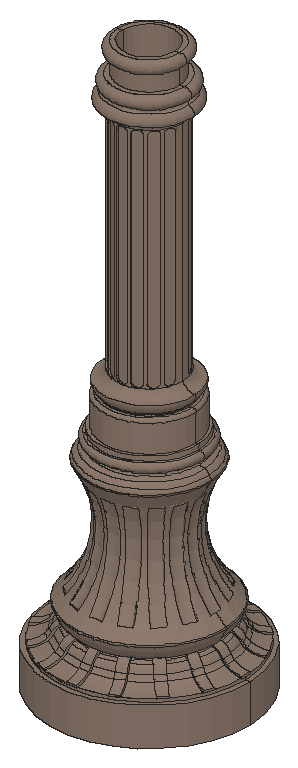
Revit family "CB3803", category Generic Models, Revit 2014
Parameters
  DETAIL = Bronze, Architectural
  BASE = Bronze, Architectural
Reference planes (in)
  plane 1 "Center (Front/Back)": y = 0
  plane 2: z = 0
  plane 3 "Center (Left/Right)": x = 0
Forms (in)
  Revolve 1, solid, material "Bronze, Architectural" <- "BASE"
    sketch origin (0, 0, 0) x (1, 0, 0) y (0, 0, 1)
      loop
        line (-2.0625, 44.875) -> (-2.40776, 44.875)
        arc (-2.40776, 44.875) -> (-2.86013, 44.38987) -> (-2.375, 43.9375) r 0.46904
        line (-2.375, 43.9375) -> (-2.375, 42.625) -> (-2.76458, 42.625)
        arc (-2.76458, 42.625) -> (-3.22676, 42.30206) -> (-3.04475, 41.76842) r 0.46904
        arc (-3.04475, 41.76842) -> (-2.98253, 41.61076) -> (-3.08906, 41.47893) r 0.16828
        arc (-3.08906, 41.47893) -> (-3.40529, 41.18235) -> (-3.4375, 40.75) r 0.59708
        arc (-3.4375, 40.75) -> (-3.26379, 40.73417) -> (-3.09493, 40.69047) r 1.0753
        arc (-3.09493, 40.69047) -> (-2.93231, 40.58418) -> (-2.80162, 40.44043) r 0.76672
        arc (-2.80162, 40.44043) -> (-2.68534, 40.28134) -> (-2.625, 40.09375) r 0.61844
        line (-2.625, 40.09375) -> (-2.625, 22.09629)
        arc (-2.625, 22.09629) -> (-2.98697, 21.61573) -> (-3.56234, 21.43996) r 0.97281
        arc (-3.56234, 21.43996) -> (-3.47505, 21.0155) -> (-3.1832, 20.69518) r 0.81806
        arc (-3.1832, 20.69518) -> (-3.14051, 20.64984) -> (-3.125, 20.58953) r 0.125
        line (-3.125, 20.58953) -> (-3.125, 20.5) -> (-3.375, 20.5)
        arc (-3.375, 20.5) -> (-3.55178, 20.42678) -> (-3.625, 20.25) r 0.25
        line (-3.625, 20.25) -> (-3.625, 18.125) -> (-3.875, 18.125) -> (-3.875, 17.75) -> (-4.03123, 17.70573)
        arc (-4.03123, 17.70573) -> (-4.27752, 17.42549) -> (-4.12329, 17.08578) r 0.34375
        line (-4.12329, 17.08578) -> (-3.91739, 16.95351)
        arc (-3.91739, 16.95351) -> (-3.86014, 16.84112) -> (-3.92991, 16.73604) r 0.12504
        line (-3.92991, 16.73604) -> (-4.32679, 16.5414)
        arc (-4.32679, 16.5414) -> (-4.5226, 16.40741) -> (-4.67223, 16.22327) r 0.82588
        arc (-4.67223, 16.22327) -> (-4.7654, 16.06728) -> (-4.8109, 15.89136) r 0.63895
        arc (-4.8109, 15.89136) -> (-4.80771, 15.8464) -> (-4.78878, 15.8055) r 0.125
        arc (-4.78878, 15.8055) -> (-3.50603, 10.72698) -> (-5.95839, 6.09851) r 7.2929
        arc (-5.95839, 6.09851) -> (-5.99592, 6.04049) -> (-5.99682, 5.97139) r 0.12481
        arc (-5.99682, 5.97139) -> (-5.71384, 5.33515) -> (-5.25446, 4.81185) r 2.31476
        arc (-5.25446, 4.81185) -> (-5.23462, 4.74669) -> (-5.28608, 4.70206) r 0.06253
        arc (-5.28608, 4.70206) -> (-5.42978, 4.63147) -> (-5.55645, 4.53354) r 0.79579
        arc (-5.55645, 4.53354) -> (-5.7685, 4.32195) -> (-5.918, 4.06236) r 1.13817
        arc (-5.918, 4.06236) -> (-6.05707, 3.86911) -> (-6.22638, 3.70171) r 1.42489
        arc (-6.22638, 3.70171) -> (-6.83129, 3.38591) -> (-7.5, 3.25) r 2.43957
        line (-7.5, 3.25) -> (-7.5, 3) -> (-7.875, 3) -> (-7.875, 0) -> (-5.25, 0) -> (-5.25, 0.75) -> (-7.22381, 0.75) -> (-7.17357, 2.18879)
        arc (-7.17357, 2.18879) -> (-7.08126, 2.46122) -> (-6.85413, 2.63771) r 0.5
        arc (-6.85413, 2.63771) -> (-5.69277, 3.34597) -> (-4.85276, 4.41592) r 3.82442
        arc (-4.85276, 4.41592) -> (-4.7351, 4.8216) -> (-4.93297, 5.19479) r 0.5625
        arc (-4.93297, 5.19479) -> (-5.14493, 5.40492) -> (-5.31943, 5.64706) r 1.80756
        arc (-5.31943, 5.64706) -> (-5.38774, 5.96219) -> (-5.24948, 6.25349) r 0.5
        arc (-5.24948, 6.25349) -> (-3.12728, 10.73726) -> (-4.19395, 15.58187) r 7.6679
        arc (-4.19395, 15.58187) -> (-4.2466, 15.9818) -> (-3.98688, 16.29045) r 0.5
        arc (-3.98688, 16.29045) -> (-3.68899, 16.51754) -> (-3.5, 16.84093) r 0.96514
        line (-3.5, 16.84093) -> (-2.0625, 16.84093) -> (-2.0625, 18.125) -> (-3, 18.125)
        arc (-3, 18.125) -> (-3.17678, 18.19822) -> (-3.25, 18.375) r 0.25
        line (-3.25, 18.375) -> (-3.25, 20)
        arc (-3.25, 20) -> (-3.21339, 20.08839) -> (-3.125, 20.125) r 0.125
        line (-3.125, 20.125) -> (-2.875, 20.125) -> (-2.16076, 21.9106)
        arc (-2.16076, 21.9106) -> (-2.13402, 22.00174) -> (-2.125, 22.09629) r 0.5
        line (-2.125, 22.09629) -> (-2.125, 40.29638)
        arc (-2.125, 40.29638) -> (-2.15718, 40.46162) -> (-2.23592, 40.61041) r 0.57382
        arc (-2.23592, 40.61041) -> (-2.40787, 40.9061) -> (-2.51295, 41.23161) r 1.59779
        arc (-2.51295, 41.23161) -> (-2.45095, 41.81092) -> (-2.0625, 42.24515) r 0.95018
        line (-2.0625, 42.24515) -> (-2.0625, 44.875)
      axis (0, 0) -> (0, 44.875)
    angle from 0 to 360
  Extrusion 2, solid, material "Bronze, Architectural" <- "DETAIL"
    sketch origin (0, 0, 0) x (1, 0, 0) y (0, 0, 1)
      loop
        line (7.5, 3.25) -> (7.5, 3.37528)
        arc (7.5, 3.37528) -> (6.87217, 3.50586) -> (6.30276, 3.80079) r 2.35768
        arc (6.30276, 3.80079) -> (6.15286, 3.94943) -> (6.029, 4.12037) r 1.29986
        arc (6.029, 4.12037) -> (5.72517, 4.55133) -> (5.28258, 4.83797) r 1.38878
        line (5.28258, 4.83797) -> (5.28258, 4.70206)
        arc (5.28258, 4.70206) -> (5.65928, 4.44081) -> (5.918, 4.06236) r 1.26378
        arc (5.918, 4.06236) -> (6.05707, 3.86911) -> (6.22638, 3.70171) r 1.42486
        arc (6.22638, 3.70171) -> (6.83187, 3.38753) -> (7.5, 3.25) r 2.48268
    from -0.375 to 0.375
  Extrusion 3, solid, material "Bronze, Architectural" <- "DETAIL"
    sketch origin (0, 0, 0) x (-1, 0, 0) y (0, 0, 1)
      loop
        line (7.5, 3.25) -> (7.5, 3.37528)
        arc (7.5, 3.37528) -> (6.87217, 3.50586) -> (6.30276, 3.80079) r 2.35768
        arc (6.30276, 3.80079) -> (6.15286, 3.94943) -> (6.029, 4.12037) r 1.29986
        arc (6.029, 4.12037) -> (5.72517, 4.55133) -> (5.28258, 4.83797) r 1.38878
        line (5.28258, 4.83797) -> (5.28258, 4.70206)
        arc (5.28258, 4.70206) -> (5.65928, 4.44081) -> (5.918, 4.06236) r 1.26378
        arc (5.918, 4.06236) -> (6.05707, 3.86911) -> (6.22638, 3.70171) r 1.42486
        arc (6.22638, 3.70171) -> (6.83187, 3.38753) -> (7.5, 3.25) r 2.48268
    from -0.375 to 0.375
  Extrusion 4, solid, material "Bronze, Architectural" <- "DETAIL"
    sketch origin (0, 0, 0) x (0.92388, 0.382683, 0) y (0, 0, 1)
      loop
        line (7.5, 3.25) -> (7.5, 3.37528)
        arc (7.5, 3.37528) -> (6.87217, 3.50586) -> (6.30276, 3.80079) r 2.35768
        arc (6.30276, 3.80079) -> (6.15286, 3.94943) -> (6.029, 4.12037) r 1.29986
        arc (6.029, 4.12037) -> (5.72517, 4.55133) -> (5.28258, 4.83797) r 1.38878
        line (5.28258, 4.83797) -> (5.28258, 4.70206)
        arc (5.28258, 4.70206) -> (5.65928, 4.44081) -> (5.918, 4.06236) r 1.26378
        arc (5.918, 4.06236) -> (6.05707, 3.86911) -> (6.22638, 3.70171) r 1.42486
        arc (6.22638, 3.70171) -> (6.83187, 3.38753) -> (7.5, 3.25) r 2.48268
    from -0.375 to 0.375
  Extrusion 5, solid, material "Bronze, Architectural" <- "DETAIL"
    sketch origin (0, 0, 0) x (-0.92388, -0.382683, 0) y (0, 0, 1)
      loop
        line (7.5, 3.25) -> (7.5, 3.37528)
        arc (7.5, 3.37528) -> (6.87217, 3.50586) -> (6.30276, 3.80079) r 2.35768
        arc (6.30276, 3.80079) -> (6.15286, 3.94943) -> (6.029, 4.12037) r 1.29986
        arc (6.029, 4.12037) -> (5.72517, 4.55133) -> (5.28258, 4.83797) r 1.38878
        line (5.28258, 4.83797) -> (5.28258, 4.70206)
        arc (5.28258, 4.70206) -> (5.65928, 4.44081) -> (5.918, 4.06236) r 1.26378
        arc (5.918, 4.06236) -> (6.05707, 3.86911) -> (6.22638, 3.70171) r 1.42486
        arc (6.22638, 3.70171) -> (6.83187, 3.38753) -> (7.5, 3.25) r 2.48268
    from -0.375 to 0.375
  Extrusion 6, solid, material "Bronze, Architectural" <- "DETAIL"
    sketch origin (0, 0, 0) x (0.707107, 0.707107, 0) y (0, 0, 1)
      loop
        line (7.5, 3.25) -> (7.5, 3.37528)
        arc (7.5, 3.37528) -> (6.87217, 3.50586) -> (6.30276, 3.80079) r 2.35768
        arc (6.30276, 3.80079) -> (6.15286, 3.94943) -> (6.029, 4.12037) r 1.29986
        arc (6.029, 4.12037) -> (5.72517, 4.55133) -> (5.28258, 4.83797) r 1.38878
        line (5.28258, 4.83797) -> (5.28258, 4.70206)
        arc (5.28258, 4.70206) -> (5.65928, 4.44081) -> (5.918, 4.06236) r 1.26378
        arc (5.918, 4.06236) -> (6.05707, 3.86911) -> (6.22638, 3.70171) r 1.42486
        arc (6.22638, 3.70171) -> (6.83187, 3.38753) -> (7.5, 3.25) r 2.48268
    from -0.375 to 0.375
  Extrusion 7, solid, material "Bronze, Architectural" <- "DETAIL"
    sketch origin (0, 0, 0) x (-0.707107, -0.707107, 0) y (0, 0, 1)
      loop
        line (7.5, 3.25) -> (7.5, 3.37528)
        arc (7.5, 3.37528) -> (6.87217, 3.50586) -> (6.30276, 3.80079) r 2.35768
        arc (6.30276, 3.80079) -> (6.15286, 3.94943) -> (6.029, 4.12037) r 1.29986
        arc (6.029, 4.12037) -> (5.72517, 4.55133) -> (5.28258, 4.83797) r 1.38878
        line (5.28258, 4.83797) -> (5.28258, 4.70206)
        arc (5.28258, 4.70206) -> (5.65928, 4.44081) -> (5.918, 4.06236) r 1.26378
        arc (5.918, 4.06236) -> (6.05707, 3.86911) -> (6.22638, 3.70171) r 1.42486
        arc (6.22638, 3.70171) -> (6.83187, 3.38753) -> (7.5, 3.25) r 2.48268
    from -0.375 to 0.375
  Extrusion 8, solid, material "Bronze, Architectural" <- "DETAIL"
    sketch origin (0, 0, 0) x (0.382683, 0.92388, 0) y (0, 0, 1)
      loop
        line (7.5, 3.25) -> (7.5, 3.37528)
        arc (7.5, 3.37528) -> (6.87217, 3.50586) -> (6.30276, 3.80079) r 2.35768
        arc (6.30276, 3.80079) -> (6.15286, 3.94943) -> (6.029, 4.12037) r 1.29986
        arc (6.029, 4.12037) -> (5.72517, 4.55133) -> (5.28258, 4.83797) r 1.38878
        line (5.28258, 4.83797) -> (5.28258, 4.70206)
        arc (5.28258, 4.70206) -> (5.65928, 4.44081) -> (5.918, 4.06236) r 1.26378
        arc (5.918, 4.06236) -> (6.05707, 3.86911) -> (6.22638, 3.70171) r 1.42486
        arc (6.22638, 3.70171) -> (6.83187, 3.38753) -> (7.5, 3.25) r 2.48268
    from -0.375 to 0.375
  Extrusion 9, solid, material "Bronze, Architectural" <- "DETAIL"
    sketch origin (0, 0, 0) x (-0.382683, -0.92388, 0) y (0, 0, 1)
      loop
        line (7.5, 3.25) -> (7.5, 3.37528)
        arc (7.5, 3.37528) -> (6.87217, 3.50586) -> (6.30276, 3.80079) r 2.35768
        arc (6.30276, 3.80079) -> (6.15286, 3.94943) -> (6.029, 4.12037) r 1.29986
        arc (6.029, 4.12037) -> (5.72517, 4.55133) -> (5.28258, 4.83797) r 1.38878
        line (5.28258, 4.83797) -> (5.28258, 4.70206)
        arc (5.28258, 4.70206) -> (5.65928, 4.44081) -> (5.918, 4.06236) r 1.26378
        arc (5.918, 4.06236) -> (6.05707, 3.86911) -> (6.22638, 3.70171) r 1.42486
        arc (6.22638, 3.70171) -> (6.83187, 3.38753) -> (7.5, 3.25) r 2.48268
    from -0.375 to 0.375
  Extrusion 10, solid, material "Bronze, Architectural" <- "DETAIL"
    sketch origin (0, 0, 0) x (0, 1, 0) y (0, 0, 1)
      loop
        line (7.5, 3.25) -> (7.5, 3.37528)
        arc (7.5, 3.37528) -> (6.87217, 3.50586) -> (6.30276, 3.80079) r 2.35768
        arc (6.30276, 3.80079) -> (6.15286, 3.94943) -> (6.029, 4.12037) r 1.29986
        arc (6.029, 4.12037) -> (5.72517, 4.55133) -> (5.28258, 4.83797) r 1.38878
        line (5.28258, 4.83797) -> (5.28258, 4.70206)
        arc (5.28258, 4.70206) -> (5.65928, 4.44081) -> (5.918, 4.06236) r 1.26378
        arc (5.918, 4.06236) -> (6.05707, 3.86911) -> (6.22638, 3.70171) r 1.42486
        arc (6.22638, 3.70171) -> (6.83187, 3.38753) -> (7.5, 3.25) r 2.48268
    from -0.375 to 0.375
  Extrusion 11, solid, material "Bronze, Architectural" <- "DETAIL"
    sketch origin (0, 0, 0) x (0, -1, 0) y (0, 0, 1)
      loop
        line (7.5, 3.25) -> (7.5, 3.37528)
        arc (7.5, 3.37528) -> (6.87217, 3.50586) -> (6.30276, 3.80079) r 2.35768
        arc (6.30276, 3.80079) -> (6.15286, 3.94943) -> (6.029, 4.12037) r 1.29986
        arc (6.029, 4.12037) -> (5.72517, 4.55133) -> (5.28258, 4.83797) r 1.38878
        line (5.28258, 4.83797) -> (5.28258, 4.70206)
        arc (5.28258, 4.70206) -> (5.65928, 4.44081) -> (5.918, 4.06236) r 1.26378
        arc (5.918, 4.06236) -> (6.05707, 3.86911) -> (6.22638, 3.70171) r 1.42486
        arc (6.22638, 3.70171) -> (6.83187, 3.38753) -> (7.5, 3.25) r 2.48268
    from -0.375 to 0.375
  Extrusion 12, solid, material "Bronze, Architectural" <- "DETAIL"
    sketch origin (0, 0, 0) x (-0.382683, 0.92388, 0) y (0, 0, 1)
      loop
        line (7.5, 3.25) -> (7.5, 3.37528)
        arc (7.5, 3.37528) -> (6.87217, 3.50586) -> (6.30276, 3.80079) r 2.35768
        arc (6.30276, 3.80079) -> (6.15286, 3.94943) -> (6.029, 4.12037) r 1.29986
        arc (6.029, 4.12037) -> (5.72517, 4.55133) -> (5.28258, 4.83797) r 1.38878
        line (5.28258, 4.83797) -> (5.28258, 4.70206)
        arc (5.28258, 4.70206) -> (5.65928, 4.44081) -> (5.918, 4.06236) r 1.26378
        arc (5.918, 4.06236) -> (6.05707, 3.86911) -> (6.22638, 3.70171) r 1.42486
        arc (6.22638, 3.70171) -> (6.83187, 3.38753) -> (7.5, 3.25) r 2.48268
    from -0.375 to 0.375
  Extrusion 13, solid, material "Bronze, Architectural" <- "DETAIL"
    sketch origin (0, 0, 0) x (0.382683, -0.92388, 0) y (0, 0, 1)
      loop
        line (7.5, 3.25) -> (7.5, 3.37528)
        arc (7.5, 3.37528) -> (6.87217, 3.50586) -> (6.30276, 3.80079) r 2.35768
        arc (6.30276, 3.80079) -> (6.15286, 3.94943) -> (6.029, 4.12037) r 1.29986
        arc (6.029, 4.12037) -> (5.72517, 4.55133) -> (5.28258, 4.83797) r 1.38878
        line (5.28258, 4.83797) -> (5.28258, 4.70206)
        arc (5.28258, 4.70206) -> (5.65928, 4.44081) -> (5.918, 4.06236) r 1.26378
        arc (5.918, 4.06236) -> (6.05707, 3.86911) -> (6.22638, 3.70171) r 1.42486
        arc (6.22638, 3.70171) -> (6.83187, 3.38753) -> (7.5, 3.25) r 2.48268
    from -0.375 to 0.375
  Extrusion 14, solid, material "Bronze, Architectural" <- "DETAIL"
    sketch origin (0, 0, 0) x (-0.707107, 0.707107, 0) y (0, 0, 1)
      loop
        line (7.5, 3.25) -> (7.5, 3.37528)
        arc (7.5, 3.37528) -> (6.87217, 3.50586) -> (6.30276, 3.80079) r 2.35768
        arc (6.30276, 3.80079) -> (6.15286, 3.94943) -> (6.029, 4.12037) r 1.29986
        arc (6.029, 4.12037) -> (5.72517, 4.55133) -> (5.28258, 4.83797) r 1.38878
        line (5.28258, 4.83797) -> (5.28258, 4.70206)
        arc (5.28258, 4.70206) -> (5.65928, 4.44081) -> (5.918, 4.06236) r 1.26378
        arc (5.918, 4.06236) -> (6.05707, 3.86911) -> (6.22638, 3.70171) r 1.42486
        arc (6.22638, 3.70171) -> (6.83187, 3.38753) -> (7.5, 3.25) r 2.48268
    from -0.375 to 0.375
  Extrusion 15, solid, material "Bronze, Architectural" <- "DETAIL"
    sketch origin (0, 0, 0) x (0.707107, -0.707107, 0) y (0, 0, 1)
      loop
        line (7.5, 3.25) -> (7.5, 3.37528)
        arc (7.5, 3.37528) -> (6.87217, 3.50586) -> (6.30276, 3.80079) r 2.35768
        arc (6.30276, 3.80079) -> (6.15286, 3.94943) -> (6.029, 4.12037) r 1.29986
        arc (6.029, 4.12037) -> (5.72517, 4.55133) -> (5.28258, 4.83797) r 1.38878
        line (5.28258, 4.83797) -> (5.28258, 4.70206)
        arc (5.28258, 4.70206) -> (5.65928, 4.44081) -> (5.918, 4.06236) r 1.26378
        arc (5.918, 4.06236) -> (6.05707, 3.86911) -> (6.22638, 3.70171) r 1.42486
        arc (6.22638, 3.70171) -> (6.83187, 3.38753) -> (7.5, 3.25) r 2.48268
    from -0.375 to 0.375
  Extrusion 16, solid, material "Bronze, Architectural" <- "DETAIL"
    sketch origin (0, 0, 0) x (-0.92388, 0.382683, 0) y (0, 0, 1)
      loop
        line (7.5, 3.25) -> (7.5, 3.37528)
        arc (7.5, 3.37528) -> (6.87217, 3.50586) -> (6.30276, 3.80079) r 2.35768
        arc (6.30276, 3.80079) -> (6.15286, 3.94943) -> (6.029, 4.12037) r 1.29986
        arc (6.029, 4.12037) -> (5.72517, 4.55133) -> (5.28258, 4.83797) r 1.38878
        line (5.28258, 4.83797) -> (5.28258, 4.70206)
        arc (5.28258, 4.70206) -> (5.65928, 4.44081) -> (5.918, 4.06236) r 1.26378
        arc (5.918, 4.06236) -> (6.05707, 3.86911) -> (6.22638, 3.70171) r 1.42486
        arc (6.22638, 3.70171) -> (6.83187, 3.38753) -> (7.5, 3.25) r 2.48268
    from -0.375 to 0.375
  Extrusion 17, solid, material "Bronze, Architectural" <- "DETAIL"
    sketch origin (0, 0, 0) x (0.92388, -0.382683, 0) y (0, 0, 1)
      loop
        line (7.5, 3.25) -> (7.5, 3.37528)
        arc (7.5, 3.37528) -> (6.87217, 3.50586) -> (6.30276, 3.80079) r 2.35768
        arc (6.30276, 3.80079) -> (6.15286, 3.94943) -> (6.029, 4.12037) r 1.29986
        arc (6.029, 4.12037) -> (5.72517, 4.55133) -> (5.28258, 4.83797) r 1.38878
        line (5.28258, 4.83797) -> (5.28258, 4.70206)
        arc (5.28258, 4.70206) -> (5.65928, 4.44081) -> (5.918, 4.06236) r 1.26378
        arc (5.918, 4.06236) -> (6.05707, 3.86911) -> (6.22638, 3.70171) r 1.42486
        arc (6.22638, 3.70171) -> (6.83187, 3.38753) -> (7.5, 3.25) r 2.48268
    from -0.375 to 0.375
  Extrusion 18, void
    sketch origin (0, 0, 0) x (1, 0, 0) y (0, 0, 1)
      loop
        arc (0.4375, 39.65424) -> (0, 40.09174) -> (-0.4375, 39.65424) r 0.4375
        line (-0.4375, 39.65424) -> (-0.4375, 22.53384)
        arc (-0.4375, 22.53384) -> (0, 22.09634) -> (0.4375, 22.53384) r 0.4375
        line (0.4375, 22.53384) -> (0.4375, 39.65424)
    from 2.50396 to 3.18532
  Extrusion 19, void
    sketch origin (0, 0, 0) x (-1, 0, 0) y (0, 0, 1)
      loop
        arc (0.4375, 39.65424) -> (0, 40.09174) -> (-0.4375, 39.65424) r 0.4375
        line (-0.4375, 39.65424) -> (-0.4375, 22.53384)
        arc (-0.4375, 22.53384) -> (0, 22.09634) -> (0.4375, 22.53384) r 0.4375
        line (0.4375, 22.53384) -> (0.4375, 39.65424)
    from 2.50396 to 3.18532
  Extrusion 20, void
    sketch origin (0, 0, 0) x (0.92388, 0.382683, 0) y (0, 0, 1)
      loop
        arc (0.4375, 39.65424) -> (0, 40.09174) -> (-0.4375, 39.65424) r 0.4375
        line (-0.4375, 39.65424) -> (-0.4375, 22.53384)
        arc (-0.4375, 22.53384) -> (0, 22.09634) -> (0.4375, 22.53384) r 0.4375
        line (0.4375, 22.53384) -> (0.4375, 39.65424)
    from 2.50396 to 3.18532
  Extrusion 21, void
    sketch origin (0, 0, 0) x (-0.92388, -0.382683, 0) y (0, 0, 1)
      loop
        arc (0.4375, 39.65424) -> (0, 40.09174) -> (-0.4375, 39.65424) r 0.4375
        line (-0.4375, 39.65424) -> (-0.4375, 22.53384)
        arc (-0.4375, 22.53384) -> (0, 22.09634) -> (0.4375, 22.53384) r 0.4375
        line (0.4375, 22.53384) -> (0.4375, 39.65424)
    from 2.50396 to 3.18532
  Extrusion 22, void
    sketch origin (0, 0, 0) x (0.707107, 0.707107, 0) y (0, 0, 1)
      loop
        arc (0.4375, 39.65424) -> (0, 40.09174) -> (-0.4375, 39.65424) r 0.4375
        line (-0.4375, 39.65424) -> (-0.4375, 22.53384)
        arc (-0.4375, 22.53384) -> (0, 22.09634) -> (0.4375, 22.53384) r 0.4375
        line (0.4375, 22.53384) -> (0.4375, 39.65424)
    from 2.50396 to 3.18532
  Extrusion 23, void
    sketch origin (0, 0, 0) x (-0.707107, -0.707107, 0) y (0, 0, 1)
      loop
        arc (0.4375, 39.65424) -> (0, 40.09174) -> (-0.4375, 39.65424) r 0.4375
        line (-0.4375, 39.65424) -> (-0.4375, 22.53384)
        arc (-0.4375, 22.53384) -> (0, 22.09634) -> (0.4375, 22.53384) r 0.4375
        line (0.4375, 22.53384) -> (0.4375, 39.65424)
    from 2.50396 to 3.18532
  Extrusion 24, void
    sketch origin (0, 0, 0) x (0.382683, 0.92388, 0) y (0, 0, 1)
      loop
        arc (0.4375, 39.65424) -> (0, 40.09174) -> (-0.4375, 39.65424) r 0.4375
        line (-0.4375, 39.65424) -> (-0.4375, 22.53384)
        arc (-0.4375, 22.53384) -> (0, 22.09634) -> (0.4375, 22.53384) r 0.4375
        line (0.4375, 22.53384) -> (0.4375, 39.65424)
    from 2.50396 to 3.18532
  Extrusion 25, void
    sketch origin (0, 0, 0) x (-0.382683, -0.92388, 0) y (0, 0, 1)
      loop
        arc (0.4375, 39.65424) -> (0, 40.09174) -> (-0.4375, 39.65424) r 0.4375
        line (-0.4375, 39.65424) -> (-0.4375, 22.53384)
        arc (-0.4375, 22.53384) -> (0, 22.09634) -> (0.4375, 22.53384) r 0.4375
        line (0.4375, 22.53384) -> (0.4375, 39.65424)
    from 2.50396 to 3.18532
  Extrusion 26, void
    sketch origin (0, 0, 0) x (0.92388, -0.382683, 0) y (0, 0, 1)
      loop
        arc (0.4375, 39.65424) -> (0, 40.09174) -> (-0.4375, 39.65424) r 0.4375
        line (-0.4375, 39.65424) -> (-0.4375, 22.53384)
        arc (-0.4375, 22.53384) -> (0, 22.09634) -> (0.4375, 22.53384) r 0.4375
        line (0.4375, 22.53384) -> (0.4375, 39.65424)
    from 2.50396 to 3.18532
  Extrusion 27, void
    sketch origin (0, 0, 0) x (-0.92388, 0.382683, 0) y (0, 0, 1)
      loop
        arc (0.4375, 39.65424) -> (0, 40.09174) -> (-0.4375, 39.65424) r 0.4375
        line (-0.4375, 39.65424) -> (-0.4375, 22.53384)
        arc (-0.4375, 22.53384) -> (0, 22.09634) -> (0.4375, 22.53384) r 0.4375
        line (0.4375, 22.53384) -> (0.4375, 39.65424)
    from 2.50396 to 3.18532
  Extrusion 28, void
    sketch origin (0, 0, 0) x (0.698381, -0.715726, 0) y (0, 0, 1)
      loop
        arc (0.4375, 39.65424) -> (0, 40.09174) -> (-0.4375, 39.65424) r 0.4375
        line (-0.4375, 39.65424) -> (-0.4375, 22.53384)
        arc (-0.4375, 22.53384) -> (0, 22.09634) -> (0.4375, 22.53384) r 0.4375
        line (0.4375, 22.53384) -> (0.4375, 39.65424)
    from 2.50396 to 3.18532
  Extrusion 29, void
    sketch origin (0, 0, 0) x (-0.698381, 0.715726, 0) y (0, 0, 1)
      loop
        arc (0.4375, 39.65424) -> (0, 40.09174) -> (-0.4375, 39.65424) r 0.4375
        line (-0.4375, 39.65424) -> (-0.4375, 22.53384)
        arc (-0.4375, 22.53384) -> (0, 22.09634) -> (0.4375, 22.53384) r 0.4375
        line (0.4375, 22.53384) -> (0.4375, 39.65424)
    from 2.50396 to 3.18532
  Extrusion 30, void
    sketch origin (0, 0, 0) x (0.382683, -0.92388, 0) y (0, 0, 1)
      loop
        arc (0.4375, 39.65424) -> (0, 40.09174) -> (-0.4375, 39.65424) r 0.4375
        line (-0.4375, 39.65424) -> (-0.4375, 22.53384)
        arc (-0.4375, 22.53384) -> (0, 22.09634) -> (0.4375, 22.53384) r 0.4375
        line (0.4375, 22.53384) -> (0.4375, 39.65424)
    from 2.50396 to 3.18532
  Extrusion 31, void
    sketch origin (0, 0, 0) x (-0.382683, 0.92388, 0) y (0, 0, 1)
      loop
        arc (0.4375, 39.65424) -> (0, 40.09174) -> (-0.4375, 39.65424) r 0.4375
        line (-0.4375, 39.65424) -> (-0.4375, 22.53384)
        arc (-0.4375, 22.53384) -> (0, 22.09634) -> (0.4375, 22.53384) r 0.4375
        line (0.4375, 22.53384) -> (0.4375, 39.65424)
    from 2.50396 to 3.18532
  Sweep 32, void
    path origin (0, 0, 0) x (1, 0, 0) y (0, 0, 1)
      loop
        arc (4.11297, 14.62406) -> (3.52415, 10.58228) -> (5.20422, 6.85938) r 7.28123
    profile origin (3.52415, 0, 10.58228) x (0.990268, 0, 0.139173) y (0, -1, 0)
      loop
        spline (0, 0.5) -> (-0.03235, 0.48296) -> (-0.0625, 0.43301) -> (-0.08839, 0.35355) -> (-0.10825, 0.25) -> (-0.12074, 0.12941) -> (-0.125, 0) -> (-0.12074, -0.12941) -> (-0.10825, -0.25) -> (-0.08839, -0.35355) -> (-0.0625, -0.43301) -> (-0.03235, -0.48296) -> (0, -0.5)
        spline (0, -0.5) -> (0.03235, -0.48296) -> (0.0625, -0.43301) -> (0.08839, -0.35355) -> (0.10825, -0.25) -> (0.12074, -0.12941) -> (0.125, 0) -> (0.12074, 0.12941) -> (0.10825, 0.25) -> (0.08839, 0.35355) -> (0.0625, 0.43301) -> (0.03235, 0.48296) -> (0, 0.5)
  Sweep 33, void
    path origin (0, 0, 0) x (-1, 0, 0) y (0, 0, 1)
      loop
        arc (4.11297, 14.62406) -> (3.52415, 10.58228) -> (5.20422, 6.85938) r 7.28123
    profile origin (-3.52415, 0, 10.58228) x (-0.990268, 0, 0.139173) y (0, 1, 0)
      loop
        spline (0, 0.5) -> (-0.03235, 0.48296) -> (-0.0625, 0.43301) -> (-0.08839, 0.35355) -> (-0.10825, 0.25) -> (-0.12074, 0.12941) -> (-0.125, 0) -> (-0.12074, -0.12941) -> (-0.10825, -0.25) -> (-0.08839, -0.35355) -> (-0.0625, -0.43301) -> (-0.03235, -0.48296) -> (0, -0.5)
        spline (0, -0.5) -> (0.03235, -0.48296) -> (0.0625, -0.43301) -> (0.08839, -0.35355) -> (0.10825, -0.25) -> (0.12074, -0.12941) -> (0.125, 0) -> (0.12074, 0.12941) -> (0.10825, 0.25) -> (0.08839, 0.35355) -> (0.0625, 0.43301) -> (0.03235, 0.48296) -> (0, 0.5)
  Sweep 34, void
    path origin (0, 0, 0) x (0.92388, 0.382683, 0) y (0, 0, 1)
      loop
        arc (4.11297, 14.62406) -> (3.52415, 10.58228) -> (5.20422, 6.85938) r 7.28123
    profile origin (3.25589, 1.34863, 10.58228) x (0.914888, 0.378959, 0.139173) y (0.382683, -0.92388, 0)
      loop
        spline (0, 0.5) -> (-0.03235, 0.48296) -> (-0.0625, 0.43301) -> (-0.08839, 0.35355) -> (-0.10825, 0.25) -> (-0.12074, 0.12941) -> (-0.125, 0) -> (-0.12074, -0.12941) -> (-0.10825, -0.25) -> (-0.08839, -0.35355) -> (-0.0625, -0.43301) -> (-0.03235, -0.48296) -> (0, -0.5)
        spline (0, -0.5) -> (0.03235, -0.48296) -> (0.0625, -0.43301) -> (0.08839, -0.35355) -> (0.10825, -0.25) -> (0.12074, -0.12941) -> (0.125, 0) -> (0.12074, 0.12941) -> (0.10825, 0.25) -> (0.08839, 0.35355) -> (0.0625, 0.43301) -> (0.03235, 0.48296) -> (0, 0.5)
  Sweep 35, void
    path origin (0, 0, 0) x (-0.92388, -0.382683, 0) y (0, 0, 1)
      loop
        arc (4.11297, 14.62406) -> (3.52415, 10.58228) -> (5.20422, 6.85938) r 7.28123
    profile origin (-3.25589, -1.34863, 10.58228) x (-0.914888, -0.378959, 0.139173) y (-0.382683, 0.92388, 0)
      loop
        spline (0, 0.5) -> (-0.03235, 0.48296) -> (-0.0625, 0.43301) -> (-0.08839, 0.35355) -> (-0.10825, 0.25) -> (-0.12074, 0.12941) -> (-0.125, 0) -> (-0.12074, -0.12941) -> (-0.10825, -0.25) -> (-0.08839, -0.35355) -> (-0.0625, -0.43301) -> (-0.03235, -0.48296) -> (0, -0.5)
        spline (0, -0.5) -> (0.03235, -0.48296) -> (0.0625, -0.43301) -> (0.08839, -0.35355) -> (0.10825, -0.25) -> (0.12074, -0.12941) -> (0.125, 0) -> (0.12074, 0.12941) -> (0.10825, 0.25) -> (0.08839, 0.35355) -> (0.0625, 0.43301) -> (0.03235, 0.48296) -> (0, 0.5)
  Sweep 36, void
    path origin (0, 0, 0) x (0.707107, 0.707107, 0) y (0, 0, 1)
      loop
        arc (4.11297, 14.62406) -> (3.52415, 10.58228) -> (5.20422, 6.85938) r 7.28123
    profile origin (2.49195, 2.49195, 10.58228) x (0.700225, 0.700225, 0.139173) y (0.707107, -0.707107, 0)
      loop
        spline (0, 0.5) -> (-0.03235, 0.48296) -> (-0.0625, 0.43301) -> (-0.08839, 0.35355) -> (-0.10825, 0.25) -> (-0.12074, 0.12941) -> (-0.125, 0) -> (-0.12074, -0.12941) -> (-0.10825, -0.25) -> (-0.08839, -0.35355) -> (-0.0625, -0.43301) -> (-0.03235, -0.48296) -> (0, -0.5)
        spline (0, -0.5) -> (0.03235, -0.48296) -> (0.0625, -0.43301) -> (0.08839, -0.35355) -> (0.10825, -0.25) -> (0.12074, -0.12941) -> (0.125, 0) -> (0.12074, 0.12941) -> (0.10825, 0.25) -> (0.08839, 0.35355) -> (0.0625, 0.43301) -> (0.03235, 0.48296) -> (0, 0.5)
  Sweep 37, void
    path origin (0, 0, 0) x (-0.707107, -0.707107, 0) y (0, 0, 1)
      loop
        arc (4.11297, 14.62406) -> (3.52415, 10.58228) -> (5.20422, 6.85938) r 7.28123
    profile origin (-2.49195, -2.49195, 10.58228) x (-0.700225, -0.700225, 0.139173) y (-0.707107, 0.707107, 0)
      loop
        spline (0, 0.5) -> (-0.03235, 0.48296) -> (-0.0625, 0.43301) -> (-0.08839, 0.35355) -> (-0.10825, 0.25) -> (-0.12074, 0.12941) -> (-0.125, 0) -> (-0.12074, -0.12941) -> (-0.10825, -0.25) -> (-0.08839, -0.35355) -> (-0.0625, -0.43301) -> (-0.03235, -0.48296) -> (0, -0.5)
        spline (0, -0.5) -> (0.03235, -0.48296) -> (0.0625, -0.43301) -> (0.08839, -0.35355) -> (0.10825, -0.25) -> (0.12074, -0.12941) -> (0.125, 0) -> (0.12074, 0.12941) -> (0.10825, 0.25) -> (0.08839, 0.35355) -> (0.0625, 0.43301) -> (0.03235, 0.48296) -> (0, 0.5)
  Sweep 38, void
    path origin (0, 0, 0) x (0.382683, 0.92388, 0) y (0, 0, 1)
      loop
        arc (4.11297, 14.62406) -> (3.52415, 10.58228) -> (5.20422, 6.85938) r 7.28123
    profile origin (1.34863, 3.25589, 10.58228) x (0.378959, 0.914888, 0.139173) y (0.92388, -0.382683, 0)
      loop
        spline (0, 0.5) -> (-0.03235, 0.48296) -> (-0.0625, 0.43301) -> (-0.08839, 0.35355) -> (-0.10825, 0.25) -> (-0.12074, 0.12941) -> (-0.125, 0) -> (-0.12074, -0.12941) -> (-0.10825, -0.25) -> (-0.08839, -0.35355) -> (-0.0625, -0.43301) -> (-0.03235, -0.48296) -> (0, -0.5)
        spline (0, -0.5) -> (0.03235, -0.48296) -> (0.0625, -0.43301) -> (0.08839, -0.35355) -> (0.10825, -0.25) -> (0.12074, -0.12941) -> (0.125, 0) -> (0.12074, 0.12941) -> (0.10825, 0.25) -> (0.08839, 0.35355) -> (0.0625, 0.43301) -> (0.03235, 0.48296) -> (0, 0.5)
  Sweep 39, void
    path origin (0, 0, 0) x (-0.382683, -0.92388, 0) y (0, 0, 1)
      loop
        arc (4.11297, 14.62406) -> (3.52415, 10.58228) -> (5.20422, 6.85938) r 7.28123
    profile origin (-1.34863, -3.25589, 10.58228) x (-0.378959, -0.914888, 0.139173) y (-0.92388, 0.382683, 0)
      loop
        spline (0, 0.5) -> (-0.03235, 0.48296) -> (-0.0625, 0.43301) -> (-0.08839, 0.35355) -> (-0.10825, 0.25) -> (-0.12074, 0.12941) -> (-0.125, 0) -> (-0.12074, -0.12941) -> (-0.10825, -0.25) -> (-0.08839, -0.35355) -> (-0.0625, -0.43301) -> (-0.03235, -0.48296) -> (0, -0.5)
        spline (0, -0.5) -> (0.03235, -0.48296) -> (0.0625, -0.43301) -> (0.08839, -0.35355) -> (0.10825, -0.25) -> (0.12074, -0.12941) -> (0.125, 0) -> (0.12074, 0.12941) -> (0.10825, 0.25) -> (0.08839, 0.35355) -> (0.0625, 0.43301) -> (0.03235, 0.48296) -> (0, 0.5)
  Sweep 40, void
    path origin (0, 0, 0) x (0, 1, 0) y (0, 0, 1)
      loop
        arc (4.11297, 14.62406) -> (3.52415, 10.58228) -> (5.20422, 6.85938) r 7.28123
    profile origin (0, 3.52415, 10.58228) x (0, 0.990268, 0.139173) y (1, 0, 0)
      loop
        spline (0, 0.5) -> (-0.03235, 0.48296) -> (-0.0625, 0.43301) -> (-0.08839, 0.35355) -> (-0.10825, 0.25) -> (-0.12074, 0.12941) -> (-0.125, 0) -> (-0.12074, -0.12941) -> (-0.10825, -0.25) -> (-0.08839, -0.35355) -> (-0.0625, -0.43301) -> (-0.03235, -0.48296) -> (0, -0.5)
        spline (0, -0.5) -> (0.03235, -0.48296) -> (0.0625, -0.43301) -> (0.08839, -0.35355) -> (0.10825, -0.25) -> (0.12074, -0.12941) -> (0.125, 0) -> (0.12074, 0.12941) -> (0.10825, 0.25) -> (0.08839, 0.35355) -> (0.0625, 0.43301) -> (0.03235, 0.48296) -> (0, 0.5)
  Sweep 41, void
    path origin (0, 0, 0) x (0, -1, 0) y (0, 0, 1)
      loop
        arc (4.11297, 14.62406) -> (3.52415, 10.58228) -> (5.20422, 6.85938) r 7.28123
    profile origin (0, -3.52415, 10.58228) x (0, -0.990268, 0.139173) y (-1, 0, 0)
      loop
        spline (0, 0.5) -> (-0.03235, 0.48296) -> (-0.0625, 0.43301) -> (-0.08839, 0.35355) -> (-0.10825, 0.25) -> (-0.12074, 0.12941) -> (-0.125, 0) -> (-0.12074, -0.12941) -> (-0.10825, -0.25) -> (-0.08839, -0.35355) -> (-0.0625, -0.43301) -> (-0.03235, -0.48296) -> (0, -0.5)
        spline (0, -0.5) -> (0.03235, -0.48296) -> (0.0625, -0.43301) -> (0.08839, -0.35355) -> (0.10825, -0.25) -> (0.12074, -0.12941) -> (0.125, 0) -> (0.12074, 0.12941) -> (0.10825, 0.25) -> (0.08839, 0.35355) -> (0.0625, 0.43301) -> (0.03235, 0.48296) -> (0, 0.5)
  Sweep 42, void
    path origin (0, 0, 0) x (-0.382683, 0.92388, 0) y (0, 0, 1)
      loop
        arc (4.11297, 14.62406) -> (3.52415, 10.58228) -> (5.20422, 6.85938) r 7.28123
    profile origin (-1.34863, 3.25589, 10.58228) x (-0.378959, 0.914888, 0.139173) y (0.92388, 0.382683, 0)
      loop
        spline (0, 0.5) -> (-0.03235, 0.48296) -> (-0.0625, 0.43301) -> (-0.08839, 0.35355) -> (-0.10825, 0.25) -> (-0.12074, 0.12941) -> (-0.125, 0) -> (-0.12074, -0.12941) -> (-0.10825, -0.25) -> (-0.08839, -0.35355) -> (-0.0625, -0.43301) -> (-0.03235, -0.48296) -> (0, -0.5)
        spline (0, -0.5) -> (0.03235, -0.48296) -> (0.0625, -0.43301) -> (0.08839, -0.35355) -> (0.10825, -0.25) -> (0.12074, -0.12941) -> (0.125, 0) -> (0.12074, 0.12941) -> (0.10825, 0.25) -> (0.08839, 0.35355) -> (0.0625, 0.43301) -> (0.03235, 0.48296) -> (0, 0.5)
  Sweep 43, void
    path origin (0, 0, 0) x (0.382683, -0.92388, 0) y (0, 0, 1)
      loop
        arc (4.11297, 14.62406) -> (3.52415, 10.58228) -> (5.20422, 6.85938) r 7.28123
    profile origin (1.34863, -3.25589, 10.58228) x (0.378959, -0.914888, 0.139173) y (-0.92388, -0.382683, 0)
      loop
        spline (0, 0.5) -> (-0.03235, 0.48296) -> (-0.0625, 0.43301) -> (-0.08839, 0.35355) -> (-0.10825, 0.25) -> (-0.12074, 0.12941) -> (-0.125, 0) -> (-0.12074, -0.12941) -> (-0.10825, -0.25) -> (-0.08839, -0.35355) -> (-0.0625, -0.43301) -> (-0.03235, -0.48296) -> (0, -0.5)
        spline (0, -0.5) -> (0.03235, -0.48296) -> (0.0625, -0.43301) -> (0.08839, -0.35355) -> (0.10825, -0.25) -> (0.12074, -0.12941) -> (0.125, 0) -> (0.12074, 0.12941) -> (0.10825, 0.25) -> (0.08839, 0.35355) -> (0.0625, 0.43301) -> (0.03235, 0.48296) -> (0, 0.5)
  Sweep 44, void
    path origin (0, 0, 0) x (-0.707107, 0.707107, 0) y (0, 0, 1)
      loop
        arc (4.11297, 14.62406) -> (3.52415, 10.58228) -> (5.20422, 6.85938) r 7.28123
    profile origin (-2.49195, 2.49195, 10.58228) x (-0.700225, 0.700225, 0.139173) y (0.707107, 0.707107, 0)
      loop
        spline (0, 0.5) -> (-0.03235, 0.48296) -> (-0.0625, 0.43301) -> (-0.08839, 0.35355) -> (-0.10825, 0.25) -> (-0.12074, 0.12941) -> (-0.125, 0) -> (-0.12074, -0.12941) -> (-0.10825, -0.25) -> (-0.08839, -0.35355) -> (-0.0625, -0.43301) -> (-0.03235, -0.48296) -> (0, -0.5)
        spline (0, -0.5) -> (0.03235, -0.48296) -> (0.0625, -0.43301) -> (0.08839, -0.35355) -> (0.10825, -0.25) -> (0.12074, -0.12941) -> (0.125, 0) -> (0.12074, 0.12941) -> (0.10825, 0.25) -> (0.08839, 0.35355) -> (0.0625, 0.43301) -> (0.03235, 0.48296) -> (0, 0.5)
  Sweep 45, void
    path origin (0, 0, 0) x (0.707107, -0.707107, 0) y (0, 0, 1)
      loop
        arc (4.11297, 14.62406) -> (3.52415, 10.58228) -> (5.20422, 6.85938) r 7.28123
    profile origin (2.49195, -2.49195, 10.58228) x (0.700225, -0.700225, 0.139173) y (-0.707107, -0.707107, 0)
      loop
        spline (0, 0.5) -> (-0.03235, 0.48296) -> (-0.0625, 0.43301) -> (-0.08839, 0.35355) -> (-0.10825, 0.25) -> (-0.12074, 0.12941) -> (-0.125, 0) -> (-0.12074, -0.12941) -> (-0.10825, -0.25) -> (-0.08839, -0.35355) -> (-0.0625, -0.43301) -> (-0.03235, -0.48296) -> (0, -0.5)
        spline (0, -0.5) -> (0.03235, -0.48296) -> (0.0625, -0.43301) -> (0.08839, -0.35355) -> (0.10825, -0.25) -> (0.12074, -0.12941) -> (0.125, 0) -> (0.12074, 0.12941) -> (0.10825, 0.25) -> (0.08839, 0.35355) -> (0.0625, 0.43301) -> (0.03235, 0.48296) -> (0, 0.5)
  Sweep 46, void
    path origin (0, 0, 0) x (-0.92388, 0.382683, 0) y (0, 0, 1)
      loop
        arc (4.11297, 14.62406) -> (3.52415, 10.58228) -> (5.20422, 6.85938) r 7.28123
    profile origin (-3.25589, 1.34863, 10.58228) x (-0.914888, 0.378959, 0.139173) y (0.382683, 0.92388, 0)
      loop
        spline (0, 0.5) -> (-0.03235, 0.48296) -> (-0.0625, 0.43301) -> (-0.08839, 0.35355) -> (-0.10825, 0.25) -> (-0.12074, 0.12941) -> (-0.125, 0) -> (-0.12074, -0.12941) -> (-0.10825, -0.25) -> (-0.08839, -0.35355) -> (-0.0625, -0.43301) -> (-0.03235, -0.48296) -> (0, -0.5)
        spline (0, -0.5) -> (0.03235, -0.48296) -> (0.0625, -0.43301) -> (0.08839, -0.35355) -> (0.10825, -0.25) -> (0.12074, -0.12941) -> (0.125, 0) -> (0.12074, 0.12941) -> (0.10825, 0.25) -> (0.08839, 0.35355) -> (0.0625, 0.43301) -> (0.03235, 0.48296) -> (0, 0.5)
  Sweep 47, void
    path origin (0, 0, 0) x (0.92388, -0.382683, 0) y (0, 0, 1)
      loop
        arc (4.11297, 14.62406) -> (3.52415, 10.58228) -> (5.20422, 6.85938) r 7.28123
    profile origin (3.25589, -1.34863, 10.58228) x (0.914888, -0.378959, 0.139173) y (-0.382683, -0.92388, 0)
      loop
        spline (0, 0.5) -> (-0.03235, 0.48296) -> (-0.0625, 0.43301) -> (-0.08839, 0.35355) -> (-0.10825, 0.25) -> (-0.12074, 0.12941) -> (-0.125, 0) -> (-0.12074, -0.12941) -> (-0.10825, -0.25) -> (-0.08839, -0.35355) -> (-0.0625, -0.43301) -> (-0.03235, -0.48296) -> (0, -0.5)
        spline (0, -0.5) -> (0.03235, -0.48296) -> (0.0625, -0.43301) -> (0.08839, -0.35355) -> (0.10825, -0.25) -> (0.12074, -0.12941) -> (0.125, 0) -> (0.12074, 0.12941) -> (0.10825, 0.25) -> (0.08839, 0.35355) -> (0.0625, 0.43301) -> (0.03235, 0.48296) -> (0, 0.5)
Cuts and joins
  Extrusion 18, Extrusion 19, Extrusion 20, Extrusion 21, Extrusion 22, Extrusion 23, Extrusion 24, Extrusion 25, Extrusion 26, Extrusion 27, Extrusion 28, Extrusion 29, Extrusion 30, Extrusion 31, Sweep 32, Sweep 33, Sweep 34, Sweep 35, Sweep 36, Sweep 37, Sweep 38, Sweep 39, Sweep 40, Sweep 41, Sweep 42, Sweep 43, Sweep 44, Sweep 45, Sweep 46, Sweep 47 cuts Revolve 1
Dimensions and locks (in)
  aligned and locked: plane 2 to level
